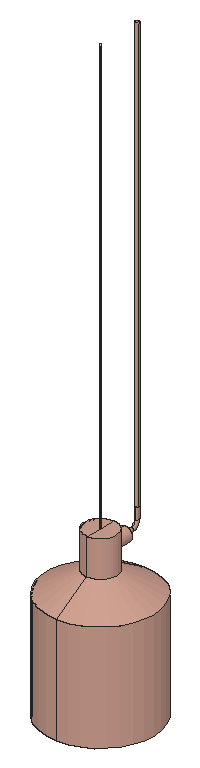
Revit family "CONV_Zero_GnrlPrpseLmnrs_SiloPendant", category Lighting Fixtures, host Ceiling, Revit 2015
Parameters (values of type "Silo Pendant E27/Max 50W Apricot")
  Wattage = 3.82384 W
  WarrantyStartDate [instance] = "n/a"
  WarrantyGuarantorParts = "n/a"
  WarrantyGuarantorLabor = "n/a"
  WarrantyDurationUnit = "Year"
  WarrantyDurationParts = "n/a"
  WarrantyDurationLabor = "n/a"
  WarrantyDescription = "n/a"
  built-in parameter 1150110 = 1 (stored number, unit not read)
  VersionDate = "05/01/2018"  # constant formula
  Version = "1"  # constant formula
  UsageCurrent = 0 A
  Uniclass2015Reference = "Pr_70_70_48_86"
  Uniclass2015Description = "Suspended luminaires"
  Uniclass2 = "Pr_70_70_49_86"
  URL = "https://www.zerolighting.com/silo-inompe/"
  TotalWattage = 50 W
  built-in parameter 1114217 = 1 (stored number, unit not read)
  Tilt Angle = 90.00°
  built-in parameter 1150109 = 1 (stored number, unit not read)
  built-in parameter 1150134 = (empty or 0)
  TagNumber [instance] = "n/a"
  SustainabilityPerformance = "n/a"
  built-in parameter 1150113 = 1 (stored number, unit not read)
  Size = "150x150x230 mm"
  Shape = "Sculptured"
  SerialNumber [instance] = "n/a"
  Revision = "n/a"
  ReplacementCost = "n/a"
  ProductInformation = "A small, iconic fixture inspired by the classical silhouette of a grain silo. This shape was refined during the design phase to finally become a minimalistic pendant with a distinct industrial character"
  Photometric Web File = "Silo8205-LED_IES.IES"
  PhaseReference = "n/a"
  PhaseAngle = 0.00°
  NumberOfSources = 0
  NumberOfPoles = 1
  NominalWidth = 150 mm
  NominalVoltageCalc = 0 V
  NominalVoltage = 230 V
  NominalRadius = 75 mm
  NominalLength = 150 mm
  NominalHeight = 230 mm
  NominalFrequencyRange = 50 Hz
  NominalDiameter = 150 mm
  NominalCurrent = 0 A
  Name = "GnrlPrpseLmnrs_SiloPendant"
  NBSReference = "90-60-50/405"
  NBSDescription = "General purpose luminaires"
  ModelReference = "n/a"
  ModelNumber = "8205-1-17"
  Model = "Silo Pendant E27/Max 50W Apricot"
  Material = "Aluminium and steel"
  ManufacturersSpecificInformation = "n/a"
  ManufacturerURL = "https://www.zerolighting.com/"
  ManufacturerName = "Zero"
  Manufacturer = "Zero"
  MaintenanceFactor = 0
  Lumens = 568 lm
  built-in parameter 1150115 = 1 (stored number, unit not read)
  built-in parameter 1150105 = 45.2 (stored number, unit not read)
  LightFixturePlacingType = "Ceiling"
  LightFixtureMountingType = "Suspended"
  LightFixtureMainMaterial = Apricot RAL 3012
  built-in parameter 1150137 = (empty or 0)
  built-in parameter 1150139 = (empty or 0)
  built-in parameter 1150112 = 1 (stored number, unit not read)
  built-in parameter 1150114 = 1 (stored number, unit not read)
  InsulationStandardClass = "n/a"
  InstallationDate [instance] = "n/a"
  built-in parameter 1150132 = 2
  built-in parameter 1150102 = (empty or 0)
  built-in parameter 1150138 = (empty or 0)
  built-in parameter 1150107 = 3000 (stored number, unit not read)
  built-in parameter 1150106 = 0.452 (stored number, unit not read)
  IfcExportType = "NOTDEFINED"  # constant formula
  IfcExportAs = "IfcLightFixtureType"  # constant formula
  IP_Code = "IP20"
  HasProtectiveEarth = no
  Grade = "n/a"
  Finish = "Painted aluminum and steel. Diffusor in matt acrylic."
  Features = "Terminal block 2x2,25mm2. Installation: Pendant, 2 m cable."
  ExpiringDate = "07/2018"  # constant formula
  ExpectedLife = "n/a"
  ElectricalDeviceNominalPower = 0
  built-in parameter 1150104 = 13.8 (stored number, unit not read)
  EANNumber = "n/a"
  DurationUnit = "Year"
  Dimming Lamp Color Temperature Shift = <None>
  Designer = "Note Design Studio"
  Description = "A small, iconic fixture inspired by the classical silhouette of a grain silo. This shape was refined during the design phase to finally become a minimalistic pendant with a distinct industrial character"
  DefaultElevation = 0 mm
  ConvergoRefNr = "0046-1708-0023-SE"
  Constituents = "n/a"
  Color Filter = 16777215
  Color = "Apricot"
  Collection = "Silo"
  CodePerformance = "n/a"
  Category = "Pendant"
  CableLength [instance] = 600 mm
  Brand = "Zero"
  Barcode [instance] = "n/a"
  built-in parameter 1114218 = 1 (stored number, unit not read)
  BIMObjectName = "CONV_Zero_GnrlPrpseLmnrs_SiloPendant"
  Author = "Convergo AB"  # constant formula
  built-in parameter 1150133 = 10 (stored number, unit not read)
  AssetType = "Fixed"
  AssetIdentifier [instance] = "n/a"
  ArticleNumber = "8205-1-17"
  AccessibilityPerformance = "n/a"
Types (7, lengths in mm): name | ModelNumber | Model | LightFixtureMainMaterial | Color | ArticleNumber
  Silo Pendant E27/Max 50W White | "8205-1-01" | "Silo Pendant E27/Max 50W White" | White RAL 9010 | "White" | "8205-1-01"
  Silo Pendant E27/Max 50W Black | "8205-1-06" | "Silo Pendant E27/Max 50W Black" | Black RAL 9005 | "Black" | "8205-1-06"
  Silo Pendant E27/Max 50W Grey | "8205-1-11" | "Silo Pendant E27/Max 50W Grey" | Grey RAL 7030 | "Grey" | "8205-1-11"
  Silo Pendant E27/Max 50W Green | "8205-1-12" | "Silo Pendant E27/Max 50W Green" | Green RAL 6021 | "Green" | "8205-1-12"
  Silo Pendant E27/Max 50W Yellow | "8205-1-14" | "Silo Pendant E27/Max 50W Yellow" | Yellow RAL 1018 | "Yellow" | "8205-1-14"
  Silo Pendant E27/Max 50W Apricot | "8205-1-17" | "Silo Pendant E27/Max 50W Apricot" | Apricot RAL 3012 | "Apricot" | "8205-1-17"
  Silo Pendant E27/Max 50W Ivory | "8205-1-46" | "Silo Pendant E27/Max 50W Ivory" | Ivory RAL 1015 | "Pink" | "8205-1-46"
Reference planes
  plane 1 "Light Source Axis (F/B)": y = 0
  plane 2: z = 0
  plane 3 "Light Source Axis (L/R)": x = 0
  plane 4 "Ceiling": z = 0
  plane 5 "Light Source Elevation": z = -790
  plane 6: y = 75
  plane 7: y = -75
  plane 8: z = -600
  plane 9: z = -830
  plane 10: x = -75
  plane 11: x = 75
Forms (mm)
  Extrusion 1, solid, material "White RAL 9010", detail levels medium+fine
    sketch origin (0, 0, -790) x (-1, 0, 0) y (0, -1, 0)
      loop
        circle (0, 0) r 1
    from 190 to 790
  Extrusion 2, solid, material "Apricot RAL 3012" <- "LightFixtureMainMaterial", detail levels medium+fine
    sketch origin (0, 0, -790) x (1, 0, 0) y (0, 1, 0)
      loop
        circle (0, 63.5) r 2.5
    from 190 to 790
  Extrusion 3, solid, material "Apricot RAL 3012" <- "LightFixtureMainMaterial", detail levels coarse
    sketch origin (0, 0, -790) x (-1, 0, 0) y (0, -1, 0)
      loop
        line (75, 75) -> (-75, 75) -> (-75, -75) -> (75, -75) -> (75, 75)
    from -40 to 790
Lines and regions (mm)
  symbolic lines, detail levels medium+fine
    curve 1: line (0, 0.963, 0) -> (0, 0.963, -600)
    curve 2: line (0, -0.989, -600) -> (0, -0.989, 0)
    curve 3: line (0, 61, -600) -> (0, 61, 0)
    curve 4: line (0, 66, 0) -> (0, 66, -600)
    curve 5: line (2.5, 0, -600) -> (2.5, 0, 0)
    curve 6: line (-2.5, 0, 0) -> (-2.5, 0, -600)
Dimensions and locks
  equal spacing: host sketch curve, plane 3 "Light Source Axis (L/R)", host sketch curve
  equal spacing: host sketch curve, plane 1 "Light Source Axis (F/B)", host sketch curve
  host sketch curve to host sketch curve = 4000 mm  (x2)
  locked: plane 4 "Ceiling" to host ceiling at 0
  equal spacing: plane 6, plane 1 "Light Source Axis (F/B)", plane 7
  "NominalWidth": plane 6 to plane 7
  "CableLength": plane 8 to level
  "NominalHeight": plane 9 to plane 8
  locked: plane 5 "Light Source Elevation" to plane 8 at 190
  aligned and locked: plane 3 "Light Source Axis (L/R)" to imposter light
  aligned and locked: plane 1 "Light Source Axis (F/B)" to imposter light
  aligned and locked: level to Extrusion 1
  aligned and locked: Extrusion 1 to plane 8
  aligned and locked: level to Extrusion 2
  aligned and locked: nested 1 to plane 9
  aligned and locked: imposter light to plane 5 "Light Source Elevation"
  aligned and locked: Extrusion 2 to plane 8
  aligned and locked: Extrusion 3 to nested 1
  aligned and locked: level to Extrusion 3
Automatic sketch dimensions
  plane 1 "Light Source Axis (F/B)" to Extrusion 1 sketch curve = 0 mm
  Extrusion 1 sketch curve to plane 3 "Light Source Axis (L/R)" = 0 mm
  Extrusion 2 sketch curve to plane 3 "Light Source Axis (L/R)" = 0 mm
  plane 6 to Extrusion 2 sketch curve = 11.5 mm
  curve 2 to plane 8 = 0 mm
  curve 2 to level = 0 mm
  curve 1 to plane 8 = 0 mm
  curve 1 to level = 0 mm
  curve 3 to level = 0 mm
  curve 3 to plane 8 = 0 mm
  curve 4 to plane 8 = 0 mm
  curve 4 to level = 0 mm
  plane 1 "Light Source Axis (F/B)" to curve 2 = 0.989 mm
  curve 1 to plane 1 "Light Source Axis (F/B)" = 0.963 mm
  curve 3 to plane 6 = 14 mm
  curve 3 to curve 4 = 5 mm
  curve 6 to level = 0 mm
  curve 6 to plane 8 = 0 mm
  curve 5 to level = 0 mm
  curve 5 to plane 8 = 0 mm
  curve 6 to plane 3 "Light Source Axis (L/R)" = 2.5 mm
  plane 3 "Light Source Axis (L/R)" to curve 5 = 2.5 mm
  Extrusion 3 sketch curve to plane 7 = 0 mm
  Extrusion 3 sketch curve to plane 11 = 0 mm
  Extrusion 3 sketch curve to plane 6 = 0 mm
  Extrusion 3 sketch curve to plane 10 = 0 mm
  radius of Extrusion 1 sketch curve = 1 mm
  radius of Extrusion 2 sketch curve = 2.5 mm
Nested families
  nested 1: "silo-pendant" at (0, 0, -830), Material1 <- "LightFixtureMainMaterial", Material2 <- "LightFixtureMainMaterial", type "silo-pendant"
    with Material3 none, Material2 Apricot RAL 3012, Material1 Apricot RAL 3012
Connectors
  electrical at (0, 63.5, 0), driven by "NominalVoltage"
    settings: on Extrusion 2, index 1, voltage 230 V, apparent load 0 VA, apparent load phase1 0 VA, apparent load phase2 0 VA, apparent load phase3 0 VA, power factor 1, load classification "Other", number of poles 1, system type 31, power factor state 1, is connector primary yes, connector utility no, sub classification motor no, connector description ""
Definition of nested family "silo-pendant"
  Parameters (values of type "silo-pendant")
    Material3 [instance] = none
    Material2 [instance] = none
    Material1 [instance] = none
  Reference planes
    plane 1 "Center (Front/Back)": y = 0
    plane 2: z = 0
    plane 3 "Center (Left/Right)": x = 0
  Forms (mm)
    Revolve 1, solid, material <- "Material2", detail levels medium+fine
      sketch origin (0, -23.514, -1107.374) x (0, 1, 0) y (0, 0, 1)
        loop
          line (98.514, 1107.374) -> (98.514, 1257.374) -> (46.014, 1287.378) -> (46.014, 1337.374) -> (23.514, 1337.374) -> (23.514, 1336.374) -> (45.014, 1336.374) -> (45.014, 1286.798) -> (97.514, 1256.794) -> (97.514, 1107.374) -> (98.514, 1107.374)
        axis (23.514, 1337.374) -> (23.514, 1107.374)
      angle from 0 to 360
    Revolve 2, solid, material <- "Material2", detail levels medium+fine
      sketch origin (0, -23.514, 0) x (0, 1, 0) y (0, 0, 1)
        loop
          line (42.151, 204.712) -> (66.014, 204.712) -> (67.014, 204.712) -> (67.014, 212.702) -> (66.014, 212.702) -> (66.014, 214.712) -> (42.151, 214.712) -> (42.151, 204.712)
        axis (67.014, 204.712) -> (42.151, 204.712)
      angle from 0 to 360
    Sweep 3, solid, material <- "Material2", detail levels medium+fine
      path in 3D
        loop
          line (0, 43.5, 204.712) -> (0, 53.5, 204.712)
          arc (0, 53.5, 204.712) -> (0, 60.571, 207.641) -> (0, 63.5, 214.712) r 10
          line (0, 63.5, 214.712) -> (0, 63.5, 230)
      profile origin (0, 48.5, 204.712) x (0, 0, 1) y (1, 0, 0)
        loop
          circle (0, 0) r 2.5
  Cuts and joins
    joined: Revolve 1, Revolve 2
  Lines and regions (mm)
    sketch lines
      curve 1: line (0, 43.5, 204.712) -> (0, 53.5, 204.712)
      curve 2: arc (0, 53.5, 204.712) -> (0, 60.571, 207.641) -> (0, 63.5, 214.712) r 10
      curve 38: line (0, 63.5, 214.712) -> (0, 63.5, 230)
    symbolic lines, detail levels medium+fine
      curve 3: line (0, 75, 0) -> (0, 75, 150)
      curve 4: line (0, 75, 150) -> (0, 22.5, 180.004)
      curve 5: line (0, 22.5, 180.004) -> (0, 22.5, 194.712)
      curve 6: line (0, 22.5, 230) -> (0, -22.5, 230)
      curve 7: line (0, -22.5, 230) -> (0, -22.5, 180.004)
      curve 8: line (0, -22.5, 180.004) -> (0, -75, 150)
      curve 9: line (0, -75, 150) -> (0, -75, 0)
      curve 10: line (0, -75, 0) -> (0, 75, 0)
      curve 11: line (0, 42.5, 214.712) -> (0, 22.5, 214.712)
      curve 12: line (0, 42.5, 194.712) -> (0, 22.5, 194.712)
      curve 13: line (0, 42.5, 194.712) -> (0, 42.5, 196.721)
      curve 14: line (0, 43.5, 212.702) -> (0, 43.5, 196.721)
      curve 15: line (0, 43.5, 196.721) -> (0, 42.5, 196.721)
      curve 16: line (0, 43.5, 212.702) -> (0, 42.5, 212.702)
      curve 17: line (0, 43.5, 207.177) -> (0, 53.915, 207.177)
      curve 18: line (0, 43.5, 202.177) -> (0, 53.915, 202.177)
      curve 19: arc (0, 66, 214.712) -> (0, 62.483, 206.009) -> (0, 53.915, 202.177) r 12.554
      curve 20: arc (0, 61, 214.712) -> (0, 58.968, 209.524) -> (0, 53.915, 207.177) r 7.486
      curve 21: line (0, 22.5, 214.712) -> (0, 22.5, 230)
      curve 23: line (0, 42.5, 212.702) -> (0, 42.5, 214.712)
      curve 27: line (-75, 0, 0) -> (-75, 0, 150)
      curve 28: line (-75, 0, 150) -> (-22.5, 0, 180.004)
      curve 29: line (-22.5, 0, 180.004) -> (-22.5, 0, 230)
      curve 30: line (-22.5, 0, 230) -> (22.5, 0, 230)
      curve 31: line (22.5, 0, 230) -> (22.5, 0, 180.004)
      curve 32: line (22.5, 0, 180.004) -> (75, 0, 150)
      curve 33: line (75, 0, 150) -> (75, 0, 0)
      curve 34: line (75, 0, 0) -> (-75, 0, 0)
      curve 37: circle (0, 0, 0) r 75 normal (0, 0, 1)
      curve 39: line (0, 66, 230) -> (0, 66, 214.712)
      curve 40: line (0, 61, 214.712) -> (0, 61, 230)
    symbolic lines, detail levels fine
      curve 22: line (0, 22.5, 194.712) -> (0, 22.5, 214.712)
      curve 24: line (0, 42.5, 196.721) -> (0, 42.5, 212.702)
      curve 25: line (0, 22.5, 180.004) -> (0, -22.5, 180.004)
      curve 26: line (0, 75, 150) -> (0, -75, 150)
      curve 35: line (-75, 0, 150) -> (75, 0, 150)
      curve 36: line (-22.5, 0, 180.004) -> (22.5, 0, 180.004)
      curve 41: arc (0, -22.5, 0) -> (22.5, 0, 0) -> (0, 22.5, 0) r 22.5
      curve 42: arc (0, 22.5, 0) -> (-22.5, 0, 0) -> (0, -22.5, 0) r 22.5
  Dimensions and locks
    aligned and locked: level to plane 2
